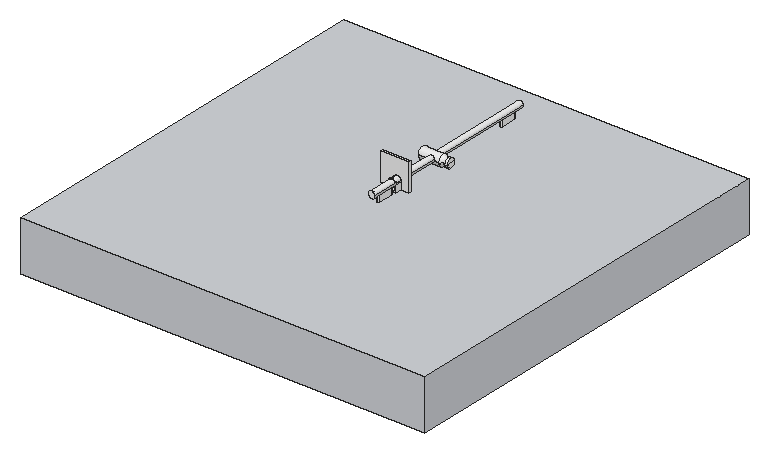
Revit family "Shower_Slide_Bar-Grohe-26603_Series", category Plumbing Fixtures, host Face, Revit 2018
Family settings
  Host = Face
  Round Connector Dimension = Use Diameter
  Part Type = Normal
  OmniClass Number = 23.45.05.14.17
  OmniClass Title = Showers
  Cut with Voids When Loaded = No
  Shared = Yes
  Room Calculation Point = No
Parameters (values of type "26603000")
  Width = 6.65699"
  Waste Connection = no
  Warranty Information = "Limited Lifetime Warranty"  # constant formula
  WFU = 0
  Vent Connection = no
  URL = "https://www.grohe.us/"
  Type Comments = ""
  Region = "North America"  # constant formula
  Product Page URL = "https://www.grohe.us/Hand-Showers-Accessories/36-Inch-Shower-Slide-Bar/GROHE-CHROME-26603000"
  Product Documentation Link = "https://americanstandard.box.com/shared/static/xis73g704c5f0zs4fg95bw9bgvrg7g0v.pdf"
  Price = "Prices may vary. Please consult Manufacturer Representative for most up-to-date price list."  # constant formula
  Model = "26603000"
  Material = "Metal-Grohe-000-Starlight Chrome"
  Manufacturer = "Grohe"
  Length = 7.11117"
  Installation Type = "Wall Mounted"  # constant formula
  Height = 43.81283"
  HWFU = 0
  HW Connection = yes
  Description = "36inches Shower Slide Bar"  # constant formula
  Default Elevation = 0"
  Creation Date = "04/06/2021"  # constant formula
  CWFU = 0
  CW Connection = yes
  Body Material = Metal-Grohe-000-Starlight Chrome
  Assembly Code = "D2010710"
  ADA Compliant = yes
Types (6): name | Product Page URL | Model | Material | Body Material
  (no name) | "https://www.grohe.us/Hand-Showers-Accessories/36-Inch-Shower-Slide-Bar/GROHE-CHROME-26603000" | "26603000" | "Metal-Grohe-000-Starlight Chrome" | Metal-Grohe-000-Starlight Chrome
  26603GN0 | "https://www.grohe.us/Hand-Showers-Accessories/36-Inch-Shower-Slide-Bar/GROHE-BRUSHED-COOL-SUNRISE-26603GN0" | "26603GN0" | "Metal-Grohe-GN0-Brushed Cool Sunrise" | Metal-Grohe-GN0-Brushed Cool Sunrise
  26603EN0 | "https://www.grohe.us/Hand-Showers-Accessories/36-Inch-Shower-Slide-Bar/GROHE-BRUSHED-NICKEL-26603EN0" | "26603EN0" | "Metal-Grohe-EN0-Brushed Nickel Infinity Finish" | Metal-Grohe-EN0-Brushed Nickel Infinity Finish
  26603BE0 | "https://www.grohe.us/Hand-Showers-Accessories/36-Inch-Shower-Slide-Bar/GROHE-POLISHED-NICKEL-26603BE0" | "26603BE0" | "Metal-Grohe-BE0-Polished Nickel Infinity Finish" | Metal-Grohe-BE0-Polished Nickel Infinity Finish
  26603A00 | "https://www.grohe.us/Hand-Showers-Accessories/36-Inch-Shower-Slide-Bar/GROHE-HARD-GRAPHITE-26603A00" | "26603A00" | "Metal-Grohe-A00-Hard Graphite" | Metal-Grohe-A00-Hard Graphite
  26603000 | "https://www.grohe.us/Hand-Showers-Accessories/36-Inch-Shower-Slide-Bar/GROHE-CHROME-26603000" | "26603000" | "Metal-Grohe-000-Starlight Chrome" | Metal-Grohe-000-Starlight Chrome
Reference planes (in)
  plane 1 "Center (Front/Back)": y = 0
  plane 2: z = -0.0505
  plane 3 "Center (Left/Right)": x = 0
  plane 4: y = 36.625
  plane 5: z = 2.50591
  plane 6: y = 38.625
  plane 7: y = 34.625
  plane 8: x = 0.3125
  plane 9: x = -0.3125
  plane 10: z = 1.5625
  plane 11: x = -0.75
  plane 12: x = 0.75
  plane 13: z = 2.3125
  plane 14: y = 40.19355
  plane 15: y = -3.61928
  plane 16: x = 3.82817
  plane 17: x = -2.82882
  plane 18: z = 7.06067
Forms (in)
  Extrusion 1, solid
    sketch origin (0, 0, 0.0625) x (1, 0, 0) y (0, 1, 0)
      loop
        line (-48, 48) -> (-48, -48) -> (48, -48) -> (48, 48) -> (-48, 48)
    from -0.113 to -12
  Extrusion 2, solid, material "Metal-Grohe-000-Starlight Chrome" <- "Body Material"
    sketch origin (0, 0, 0.0625) x (1, 0, 0) y (0, 1, 0)
      loop
        arc (-0.0625, 38.625) -> (-0.23928, 38.55178) -> (-0.3125, 38.375) r 0.25
        line (-0.3125, 38.375) -> (-0.3125, 34.875)
        arc (-0.3125, 34.875) -> (-0.23928, 34.69822) -> (-0.0625, 34.625) r 0.25
        line (-0.0625, 34.625) -> (0.0625, 34.625)
        arc (0.0625, 34.625) -> (0.23928, 34.69822) -> (0.3125, 34.875) r 0.25
        line (0.3125, 34.875) -> (0.3125, 38.375)
        arc (0.3125, 38.375) -> (0.23928, 38.55178) -> (0.0625, 38.625) r 0.25
        line (0.0625, 38.625) -> (-0.0625, 38.625)
    from 0 to 2.44341
  Extrusion 3, solid, material "Metal-Grohe-000-Starlight Chrome" <- "Body Material"
    sketch origin (0, -36.625, 0.0625) x (1, 0, 0) y (0, 1, 0)
      loop
        arc (-0.0625, 38.625) -> (-0.23928, 38.55178) -> (-0.3125, 38.375) r 0.25
        line (-0.3125, 38.375) -> (-0.3125, 34.875)
        arc (-0.3125, 34.875) -> (-0.23928, 34.69822) -> (-0.0625, 34.625) r 0.25
        line (-0.0625, 34.625) -> (0.0625, 34.625)
        arc (0.0625, 34.625) -> (0.23928, 34.69822) -> (0.3125, 34.875) r 0.25
        line (0.3125, 34.875) -> (0.3125, 38.375)
        arc (0.3125, 38.375) -> (0.23928, 38.55178) -> (0.0625, 38.625) r 0.25
        line (0.0625, 38.625) -> (-0.0625, 38.625)
    from 0 to 2.35992
  Extrusion 4, solid, material "Metal-Grohe-000-Starlight Chrome" <- "Body Material"
    sketch origin (0, 0, 0) x (1, 0, 0) y (0, 0, 1)
      loop
        circle (0, 2.3125) r 0.75
    from -40.19355 to 3.61928
  Extrusion 5, solid, material "Metal-Grohe-000-Starlight Chrome" <- "Body Material"
    sketch origin (0, 0.86452, 0.01462) x (0, 1, 0) y (0, 0, 1)
      loop
        line (3.38548, 7.04606) -> (2.88548, 7.04606) -> (2.88548, 0.35856) -> (3.38548, 0.35856) -> (3.38548, 7.04606)
    from -3.82817 to 2.82882
  Extrusion 6, solid, material "Metal-Grohe-000-Starlight Chrome" <- "Body Material"
    sketch origin (0, 0, 0) x (1, 0, 0) y (0, 0, 1)
      loop
        line (0.75, 0.48897) -> (0.75, 2.3125)
        arc (0.75, 2.3125) -> (0, 3.0625) -> (-0.75, 2.3125) r 0.75
        line (-0.75, 2.3125) -> (-0.75, 0.48897) -> (0.75, 0.48897)
      loop
        line (-0.86605, 2.3125) -> (-0.86605, 0.375) -> (0.86605, 0.375) -> (0.86605, 2.3125)
        arc (0.86605, 2.3125) -> (0, 3.17855) -> (-0.86605, 2.3125) r 0.86605
    from -3.75 to -2.32232
  Revolve 7, solid, material "Metal-Grohe-000-Starlight Chrome" <- "Body Material"
    sketch origin (-2.71582, 0.00828, 2.1994) x (0, 1, 0) y (-1, 0, 0)
      loop
        line (14.92777, -6.54399) -> (14.92777, 0.113) -> (13.67777, 0.113) -> (13.67777, -4.75)
        arc (13.67777, -4.75) -> (13.97644, -5.36344) -> (13.92777, -6.04399) r 1.31589
        line (13.92777, -6.04399) -> (13.92777, -6.54399) -> (14.92777, -6.54399)
      axis (14.92777, 0.113) -> (14.92777, -6.54399)
    angle from 0 to 360
Lines and regions (in)
  Masking region 1
    outline origin (0, 0, 0) x (1, 0, 0) y (0, 0, 1)
      loop
        line (-3.82817, 7.06067) -> (-3.82817, 0.37317) -> (-0.3125, 0.37317) -> (-0.3125, 0.0625) -> (0.3125, 0.0625) -> (0.3125, 0.37317) -> (2.82882, 0.37317) -> (2.82882, 1.26833)
        arc (2.82882, 1.26833) -> (3.08249, 1.26281) -> (3.32817, 1.1994) r 1.10161
        line (3.32817, 1.1994) -> (3.82817, 1.1994) -> (3.82817, 2.1994) -> (3.82817, 3.1994) -> (3.32817, 3.1994)
        arc (3.32817, 3.1994) -> (3.08163, 3.14149) -> (2.82882, 3.12672) r 1.47111
        line (2.82882, 3.12672) -> (2.82882, 7.06067) -> (-3.82817, 7.06067)
  symbolic lines, detail levels medium+fine
    curve 1: arc (-0.75, 0, 2.3125) -> (0, 0, 1.5625) -> (0.75, 0, 2.3125) r 0.75
    curve 2: arc (0.75, 0, 2.3125) -> (0, 0, 3.0625) -> (-0.75, 0, 2.3125) r 0.75
    curve 3: line (0.3125, 0, 0.37317) -> (0.3125, 0, 1.63071)
    curve 4: line (-0.3125, 0, 0.37317) -> (-0.3125, 0, 1.63071)
  symbolic lines, detail levels fine
    curve 5: line (2.03418, 0, 3.4494) -> (-2.82882, 0, 3.4494)
    curve 6: line (-2.82882, 0, 3.4494) -> (-2.82882, 0, 0.9494)
    curve 7: line (-2.82882, 0, 0.9494) -> (-0.3125, 0, 0.9494)
    curve 8: line (0.3125, 0, 0.94942) -> (2.03418, 0, 0.94942)
    curve 9: line (2.03418, 0, 0.94942) -> (2.03418, 0, 3.4494)
    curve 10: arc (2.82882, 0, 3.12672) -> (2.40465, 0, 3.22195) -> (2.03418, 0, 3.4494) r 1.32432
    curve 11: arc (2.66511, 0, 1.26461) -> (2.32618, 0, 1.15397) -> (2.03418, 0, 0.94942) r 1.21081
Dimensions and locks (in)
  plane 10 to plane 5 = 0.94341"
  "Height": plane 14 to plane 15
  "Width": plane 17 to plane 16
  "Length": Extrusion 1 to plane 18
  aligned and locked: plane 2 to Extrusion 1
  aligned and locked: Extrusion 2 to plane 5
Automatic sketch dimensions
  curve 1 to curve 2 = 0"  (x2)
  curve 1 to plane 11 = 0"
  curve 4 to plane 9 = 0"
  curve 1 to plane 3 "Center (Left/Right)" = 0"
  curve 3 to plane 8 = 0"
  curve 1 to plane 13 = 0"
  plane 10 to curve 7 = 0.6131"
  curve 7 to plane 11 = 2.07882"
  plane 12 to curve 5 = 1.28418"
  level to curve 11 = 0.00829"
  curve 8 to curve 11 = 0.83311"
  curve 5 to curve 10 = 0.86874"
  plane 10 to curve 9 = 0.61308"
  curve 5 to plane 5 = 0.94349"
  curve 5 to curve 10 = 0.99957"
  plane 10 to curve 11 = 0.29789"
  curve 10 to plane 5 = 0.6208"
  level to curve 3 = 0.31067"
  level to curve 4 = 0.31067"
  Extrusion 1 sketch curve to Extrusion 1 sketch curve = 96"  (x2)
  Extrusion 2 sketch curve to plane 9 = 0"
  plane 7 to Extrusion 2 sketch curve = 0"
  plane 6 to Extrusion 2 sketch curve = 0"
  Extrusion 2 sketch curve to plane 8 = 0"
  Extrusion 2 sketch curve to plane 3 "Center (Left/Right)" = 1/16"  (x2)
  plane 3 "Center (Left/Right)" to Extrusion 2 sketch curve = 1/16"  (x2)
  Extrusion 3 sketch curve to plane 9 = 0"
  Extrusion 3 sketch curve to plane 8 = 0"
  Extrusion 3 sketch curve to plane 3 "Center (Left/Right)" = 1/16"  (x2)
  plane 3 "Center (Left/Right)" to Extrusion 3 sketch curve = 1/16"  (x2)
  plane 15 to Extrusion 3 sketch curve = 1.61928"
  Extrusion 3 sketch curve to plane 1 "Center (Front/Back)" = 1 3/4"
  Extrusion 4 sketch curve to plane 3 "Center (Left/Right)" = 0"
  Extrusion 4 sketch curve to plane 13 = 0"
  Extrusion 5 sketch curve to plane 1 "Center (Front/Back)" = 3 3/4"
  Extrusion 5 sketch curve to Extrusion 5 sketch curve = 1/2"
  level to Extrusion 5 sketch curve = 0.31067"
  Extrusion 5 sketch curve to plane 5 = 4.55476"
  Extrusion 6 sketch curve to Extrusion 6 sketch curve = 0"  (x2)
  Extrusion 6 sketch curve to plane 13 = 0"
  Extrusion 6 sketch curve to plane 11 = 0"
  Extrusion 6 sketch curve to plane 3 "Center (Left/Right)" = 0"
  Extrusion 6 sketch curve to plane 11 = 0.11605"
  level to Extrusion 6 sketch curve = 0.42647"
  Extrusion 6 sketch curve to Extrusion 6 sketch curve = 0.11397"
  plane 12 to Revolve 7 sketch curve = 2.14723"
  Revolve 7 sketch curve to plane 1 "Center (Front/Back)" = 12.69273"
  Revolve 7 sketch curve to Revolve 7 sketch curve = 0.99333"
  Revolve 7 sketch curve to Revolve 7 sketch curve = 1.24333"
  Revolve 7 sketch curve to Revolve 7 sketch curve = 1 1/4"
  Revolve 7 sketch curve to Revolve 7 sketch curve = 0.43093"
  Revolve 7 sketch curve to Revolve 7 sketch curve = 1/2"
  Revolve 7 sketch curve to plane 11 = 2.07882"
  Revolve 7 sketch curve to Revolve 7 sketch curve = 0"  (x2)
  Revolve 7 sketch curve to Revolve 7 sketch curve = 2"
  Masking region 1 sketch curve to level = 0"
  Masking region 1 sketch curve to plane 9 = 0"
  Masking region 1 sketch curve to plane 8 = 0"
  Masking region 1 sketch curve to plane 11 = 3.07817"
  level to Masking region 1 sketch curve = 0.31067"  (x2)
  plane 12 to Masking region 1 sketch curve = 2.07882"  (x2)
  Masking region 1 sketch curve to Masking region 1 sketch curve = 0.04091"
  level to Masking region 1 sketch curve = 0.10905"
  Masking region 1 sketch curve to Masking region 1 sketch curve = 0.10303"
  Masking region 1 sketch curve to Masking region 1 sketch curve = 0.49934"  (x2)
  Masking region 1 sketch curve to Masking region 1 sketch curve = 1/2"
  plane 10 to Masking region 1 sketch curve = 0.3631"
  plane 13 to Masking region 1 sketch curve = 0.1131"
  Masking region 1 sketch curve to plane 5 = 0.6208"
  Masking region 1 sketch curve to Masking region 1 sketch curve = 1"
  Masking region 1 sketch curve to plane 5 = 4.55476"
  radius of Extrusion 4 sketch curve = 3/4"
